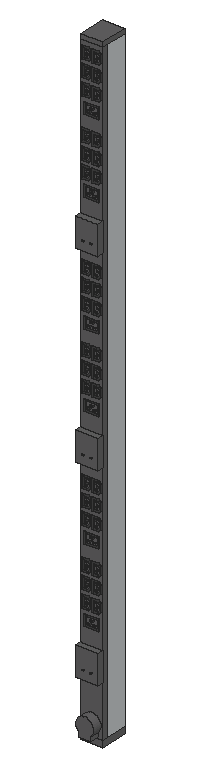
Revit family "Basic PDU", category Installations électriques, Revit 2020
Family settings
  Conserver l'orientation des annotations = Non
  Cote de connecteur circulaire = Utiliser le diamètre
  Type d'élément = Normal
  Numéro OmniClass = 23.80.00.00
  Titre OmniClass = Electric Power and Lighting
  Basée sur le plan de construction = Non
  Toujours verticalement = Oui
  Couper avec des vides une fois chargée = Non
  Partagée = Non
  Point de calcul de pièce = Non
Parameters (values of type "PDU HD 0U 3P 32A 36xC13+6xC19")
  type of voltage = "AC"  # constant formula
  Width (mm) = 52 mm
  Type of electric connection = "CEE 32 A"
  Terminal marking indication = yes
  Supply current = "32-32"
  Standby consumption = 0 mA
  RAL Number = "9017"  # constant formula
  Programming way = "Non applicable"
  Profondeur cuve + capot = 65 mm
  Prise_alimentation = Alimentation : Prise rotative
  Power frequency = "50-50"  # constant formula
  Number of phases = 3
  Number of MCB = 6
  Number of C19 outlets = 6
  Number of C13 outlets = 36
  Mounting direction = "Vertical"
  Length = 1488 mm
  Legrand part number = "LG-646975"
  IP = "IP20"
  GTIN = "3414972471497"
  Function = "Unit DE DISTRIBUTION D'ENERGIE"  # constant formula
  Fabricant = "LEGRAND"  # constant formula
  Elévation par défaut = 0 mm
  E-catalogue link = "https://www.legrand.fr/reference/646975/pro"
  Description = "PDU HD BASIC 0U 3 PHASE 32A , 36+6 C13/C19 LOCKING OUTLETS, IEC 60309"
  Depth (mm) = 82.4 mm
  Connectable by internet box = no
  Color = "Black"  # constant formula
  Cable cross section MIN_MAX = "6-6"
  BIM wording = "Linkeo DATA CENTER BASIC PDU"  # constant formula
  Application class = "EC002762"  # constant formula
  646975 = yes
  646974 = no
  646973 = no
  646972 = no
  646971 = no
  646965 = no
  646964 = no
  646963 = no
  646962 = no
  646961 = no
  646960 = no
  646911 = no
  646910 = no
Reference planes
  plane 1 "Centre (avant/arrière)": y = 0
  plane 2: z = 0
  plane 3 "Centre (gauche/droite)": x = 0
  plane 4: x = -26
  plane 5: x = 26
  plane 6: y = -65
  plane 7: z = 1488
  plane 8: y = -55
  plane 9: z = 1477
  plane 10: z = 15
Forms (mm)
  Extrusion 1, solid, material "LEGRAND - Noir 9017"
    sketch origin (0, 0, 0) x (1, 0, 0) y (0, 1, 0)
      loop
        line (-26, 0) -> (-26, -65) -> (26, -65) -> (26, 0) -> (-26, 0)
    from 0 to 15
  Extrusion 2, solid, material "LEGRAND - Inox"
    sketch origin (0, 0, 0) x (1, 0, 0) y (0, 1, 0)
      loop
        line (-26, 0) -> (-26, -55) -> (26, -55) -> (26, 0) -> (-26, 0)
    from 15 to 1477
  Extrusion 3, solid, material "LEGRAND - Noir 9017"
    sketch origin (0, 0, 0) x (1, 0, 0) y (0, 1, 0)
      loop
        line (-26, -55) -> (-26, -65) -> (26, -65) -> (26, -55) -> (-26, -55)
    from 15 to 1477
  Extrusion 4, solid, material "LEGRAND - Noir 9017"
    sketch origin (0, 0, 0) x (1, 0, 0) y (0, 1, 0)
      loop
        line (-26, 0) -> (-26, -65) -> (26, -65) -> (26, 0) -> (-26, 0)
    from 1477 to 1488
Dimensions and locks
  equal spacing: plane 5, plane 3 "Centre (gauche/droite)", plane 4
  "Width (mm)": plane 5 to plane 4
  "Profondeur cuve + capot": plane 6 to plane 1 "Centre (avant/arrière)"
  locked: plane 8 to plane 6 at 10
  locked: plane 7 to plane 9 at 11
  locked: plane 10 to plane 2 at 15
  "Length": plane 7 to plane 2
  aligned and locked: level to plane 2
  aligned and locked: plane 1 "Centre (avant/arrière)" to Extrusion 1 sketch curve
  aligned and locked: Extrusion 1 sketch curve to plane 5
  aligned and locked: plane 4 to Extrusion 1 sketch curve
  aligned and locked: plane 1 "Centre (avant/arrière)" to Extrusion 2 sketch curve
  aligned and locked: Extrusion 2 sketch curve to plane 5
  aligned and locked: plane 8 to Extrusion 2 sketch curve
  aligned and locked: plane 4 to Extrusion 2 sketch curve
  aligned and locked: plane 9 to Extrusion 2
  aligned and locked: plane 4 to Extrusion 3 sketch curve
  aligned and locked: Extrusion 3 sketch curve to plane 5
  aligned and locked: Extrusion 3 sketch curve to plane 8
  aligned and locked: plane 6 to Extrusion 3 sketch curve
  aligned and locked: plane 9 to Extrusion 3
  aligned and locked: plane 6 to Extrusion 1 sketch curve
  aligned and locked: plane 1 "Centre (avant/arrière)" to Extrusion 4 sketch curve
  aligned and locked: Extrusion 4 sketch curve to plane 5
  aligned and locked: plane 6 to Extrusion 4 sketch curve
  aligned and locked: plane 4 to Extrusion 4 sketch curve
  aligned and locked: plane 7 to Extrusion 4
  aligned and locked: Extrusion 4 to plane 9
  aligned and locked: nested 1 to plane 6
  aligned and locked: plane 3 "Centre (gauche/droite)" to nested 1
  aligned and locked: Extrusion 3 to plane 10
  aligned and locked: plane 10 to Extrusion 1
  aligned and locked: Extrusion 1 to plane 2
  aligned and locked: Extrusion 2 to plane 10
  aligned and locked: nested 2 to plane 6
  aligned and locked: plane 3 "Centre (gauche/droite)" to nested 2
Nested families
  nested 1: "Basic PDU_Prises" at (0, -65, 0), type "Basic PDU_Prises", detail levels fine
    with 646975 yes, 646910 no
  nested 2: "Alimentation" at (0, -65, 0), type <- "Prise_alimentation", type "Prise rotative"
Connectors
  electrical at (0, -32.5, 0)
    settings: on Extrusion 1, index 1, voltage 0 V, apparent load 0 VA, apparent load phase1 0 VA, apparent load phase2 0 VA, apparent load phase3 0 VA, power factor 1, load classification "Autre", number of poles 1, system type 31, power factor state 1, is connector primary yes, connector utility no, sub classification motor no, connector description ""
Definition of nested family "Basic PDU_Prises"
  Parameters (values of type "Basic PDU_Prises")
    Default Elevation = 0 mm
    646975 = no
    646974 = no
    646973 = no
    646972 = no
    646971 = no
    646965 = no
    646964 = no
    646963 = no
    646962 = no
    646961 = no
    646960 = no
    646911 = no
    646910 = yes
  Reference planes
    plane 1 "Centre (avant/arrière)": y = 0
    plane 2: z = 0
    plane 3 "Centre (gauche/droite)": x = 0
    plane 4: x = -22.15
    plane 5: x = 22.15
    plane 6: x = -26
    plane 7: x = 26
  Lines and regions (mm)
    model lines, visible <- "646910"
      curve 1: line (-26, 0, 70.176) -> (26, 0, 70.176)
      curve 2: line (-26, 0, 115.174) -> (26, 0, 115.174)
      curve 3: line (-26, 0, 199.026) -> (26, 0, 199.026)
      curve 4: line (-26, 0, 316.162) -> (26, 0, 316.162)
      curve 5: line (-26, 0, 433.215) -> (26, 0, 433.215)
      curve 6: line (-26, 0, 448.161) -> (26, 0, 448.161)
      curve 7: line (-26, 0, 532.002) -> (26, 0, 532.002)
      curve 8: line (-26, 0, 649.189) -> (26, 0, 649.189)
      curve 9: line (-26, 0, 766.177) -> (26, 0, 766.177)
      curve 10: line (-26, 0, 865.101) -> (26, 0, 865.101)
      curve 11: line (-26, 0, 982.199) -> (26, 0, 982.199)
      curve 12: line (-26, 0, 781.274) -> (26, 0, 781.274)
    model lines, visible <- "646911"
      curve 13: line (-26, 0, 1039.117) -> (26, 0, 1039.117)
      curve 14: line (-26, 0, 961.117) -> (26, 0, 961.117)
      curve 15: line (-26, 0, 778.196) -> (26, 0, 778.196)
      curve 16: line (-26, 0, 877.193) -> (26, 0, 877.193)
      curve 17: line (-26, 0, 793.193) -> (26, 0, 793.193)
      curve 18: line (-26, 0, 700.123) -> (26, 0, 700.123)
      curve 19: line (-26, 0, 622.123) -> (26, 0, 622.123)
      curve 20: line (-26, 0, 622.123) -> (26, 0, 622.123)
      curve 21: line (-26, 0, 439.201) -> (26, 0, 439.201)
      curve 22: line (-26, 0, 538.199) -> (26, 0, 538.199)
      curve 23: line (-26, 0, 454.199) -> (26, 0, 454.199)
      curve 24: line (-26, 0, 361.128) -> (26, 0, 361.128)
      curve 25: line (-26, 0, 283.128) -> (26, 0, 283.128)
      curve 26: line (-26, 0, 199.204) -> (26, 0, 199.204)
      curve 27: line (-26, 0, 115.204) -> (26, 0, 115.204)
      curve 28: line (-26, 0, 70.494) -> (26, 0, 70.494)
    model lines, visible <- "646960"
      curve 29: line (-22.15, 0, 241.166) -> (22.15, 0, 241.166)
      curve 30: line (-22.15, 0, 340.125) -> (22.15, 0, 340.125)
      curve 31: line (-22.15, 0, 439.084) -> (22.15, 0, 439.084)
      curve 32: line (-22.15, 0, 664.004) -> (22.15, 0, 664.004)
      curve 33: line (-22.15, 0, 763.004) -> (22.15, 0, 763.004)
      curve 34: line (-22.15, 0, 862.004) -> (22.15, 0, 862.004)
      curve 35: line (-22.15, 0, 115.214) -> (22.15, 0, 115.214)
      curve 36: line (-22.15, 0, 70.195) -> (22.15, 0, 70.195)
      curve 37: line (-22.15, 0, 538.052) -> (22.15, 0, 538.052)
    model lines, visible <- "646961"
      curve 38: line (-22.15, 0, 60.018) -> (22.15, 0, 60.018)
      curve 39: line (-22.15, 0, 473.857) -> (22.15, 0, 473.857)
      curve 40: line (-22.15, 0, 143.84) -> (22.15, 0, 143.84)
      curve 41: line (-22.15, 0, 242.799) -> (22.15, 0, 242.799)
      curve 42: line (-22.15, 0, 557.678) -> (22.15, 0, 557.678)
      curve 43: line (-22.15, 0, 656.653) -> (22.15, 0, 656.653)
      curve 44: line (-22.15, 0, 341.759) -> (22.15, 0, 341.759)
      curve 45: line (-22.15, 0, 407.759) -> (22.15, 0, 407.759)
      curve 46: line (-22.15, 0, 755.637) -> (22.15, 0, 755.637)
      curve 47: line (-22.15, 0, 821.637) -> (22.15, 0, 821.637)
    model lines, visible <- "646962"
      curve 48: line (-22.15, 0, 115.275) -> (22.15, 0, 115.275)
      curve 49: line (-22.15, 0, 70.208) -> (22.15, 0, 70.208)
      curve 50: line (-22.15, 0, 220.205) -> (22.15, 0, 220.205)
      curve 51: line (-22.15, 0, 235.525) -> (22.15, 0, 235.525)
      curve 52: line (-22.15, 0, 649.145) -> (22.15, 0, 649.145)
      curve 53: line (-22.15, 0, 664.465) -> (22.15, 0, 664.465)
      curve 54: line (-22.15, 0, 319.347) -> (22.15, 0, 319.347)
      curve 55: line (-22.15, 0, 418.347) -> (22.15, 0, 418.347)
      curve 56: line (-22.15, 0, 748.286) -> (22.15, 0, 748.286)
      curve 57: line (-22.15, 0, 847.286) -> (22.15, 0, 847.286)
      curve 58: line (-22.15, 0, 517.306) -> (22.15, 0, 517.306)
      curve 59: line (-22.15, 0, 583.306) -> (22.15, 0, 583.306)
      curve 60: line (-22.15, 0, 946.245) -> (22.15, 0, 946.245)
      curve 61: line (-22.15, 0, 1012.245) -> (22.15, 0, 1012.245)
    model lines, visible <- "646963"
      curve 62: line (-22.15, 0, 115.275) -> (22.15, 0, 115.275)
      curve 63: line (-22.15, 0, 70.208) -> (22.15, 0, 70.208)
      curve 64: line (-22.15, 0, 220.205) -> (22.15, 0, 220.205)
      curve 65: line (-22.15, 0, 235.394) -> (22.15, 0, 235.394)
      curve 66: line (-22.15, 0, 361.355) -> (22.15, 0, 361.355)
      curve 67: line (-22.15, 0, 700.025) -> (22.15, 0, 700.025)
      curve 68: line (-22.15, 0, 825.959) -> (22.15, 0, 825.959)
      curve 69: line (-22.15, 0, 486.807) -> (22.15, 0, 486.807)
      curve 70: line (-22.15, 0, 585.807) -> (22.15, 0, 585.807)
      curve 71: line (-22.15, 0, 951.85) -> (22.15, 0, 951.85)
      curve 72: line (-22.15, 0, 1050.85) -> (22.15, 0, 1050.85)
      curve 73: line (-22.15, 0, 684.925) -> (22.15, 0, 684.925)
    model lines, visible <- "646964"
      curve 74: line (-22.15, 0, 70.173) -> (22.15, 0, 70.173)
      curve 75: line (-22.15, 0, 115.18) -> (22.15, 0, 115.18)
      curve 76: line (-22.15, 0, 157.165) -> (22.15, 0, 157.165)
      curve 77: line (-22.15, 0, 256.125) -> (22.15, 0, 256.125)
      curve 78: line (-22.15, 0, 322.125) -> (22.15, 0, 322.125)
      curve 79: line (-22.15, 0, 388.151) -> (22.15, 0, 388.151)
      curve 80: line (-22.15, 0, 403.18) -> (22.15, 0, 403.18)
      curve 81: line (-22.15, 0, 445.165) -> (22.15, 0, 445.165)
      curve 82: line (-22.15, 0, 544.125) -> (22.15, 0, 544.125)
      curve 83: line (-22.15, 0, 610.125) -> (22.15, 0, 610.125)
      curve 84: line (-22.15, 0, 676.151) -> (22.15, 0, 676.151)
      curve 85: line (-22.15, 0, 691.18) -> (22.15, 0, 691.18)
      curve 86: line (-22.15, 0, 733.165) -> (22.15, 0, 733.165)
      curve 87: line (-22.15, 0, 832.125) -> (22.15, 0, 832.125)
      curve 88: line (-22.15, 0, 898.125) -> (22.15, 0, 898.125)
    model lines, visible <- "646965"
      curve 89: line (-22.15, 0, 115.344) -> (22.15, 0, 115.344)
      curve 90: line (-22.15, 0, 199.166) -> (22.15, 0, 199.166)
      curve 91: line (-22.15, 0, 70.09) -> (22.15, 0, 70.09)
      curve 92: line (-22.15, 0, 265.166) -> (22.15, 0, 265.166)
      curve 93: line (-22.15, 0, 331.125) -> (22.15, 0, 331.125)
      curve 94: line (-22.15, 0, 397.125) -> (22.15, 0, 397.125)
      curve 95: line (-22.15, 0, 463.087) -> (22.15, 0, 463.087)
      curve 96: line (-22.15, 0, 478.344) -> (22.15, 0, 478.344)
      curve 97: line (-22.15, 0, 562.166) -> (22.15, 0, 562.166)
      curve 98: line (-22.15, 0, 628.166) -> (22.15, 0, 628.166)
      curve 99: line (-22.15, 0, 694.125) -> (22.15, 0, 694.125)
      curve 100: line (-22.15, 0, 760.125) -> (22.15, 0, 760.125)
      curve 101: line (-22.15, 0, 826.087) -> (22.15, 0, 826.087)
      curve 102: line (-22.15, 0, 841.344) -> (22.15, 0, 841.344)
      curve 103: line (-22.15, 0, 925.166) -> (22.15, 0, 925.166)
      curve 104: line (-22.15, 0, 991.166) -> (22.15, 0, 991.166)
      curve 105: line (-22.15, 0, 1057.125) -> (22.15, 0, 1057.125)
      curve 106: line (-22.15, 0, 1123.125) -> (22.15, 0, 1123.125)
    model lines, visible <- "646971"
      curve 107: line (-26, 0, 114.999) -> (26, 0, 114.999)
      curve 108: line (-26, 0, 70.207) -> (26, 0, 70.207)
      curve 109: line (-26, 0, 235.085) -> (26, 0, 235.085)
      curve 110: line (-26, 0, 220.068) -> (26, 0, 220.068)
      curve 111: line (-26, 0, 361.046) -> (26, 0, 361.046)
      curve 112: line (-26, 0, 486.751) -> (26, 0, 486.751)
      curve 113: line (-26, 0, 603.751) -> (26, 0, 603.751)
      curve 114: line (-26, 0, 720.852) -> (26, 0, 720.852)
      curve 115: line (-26, 0, 735.642) -> (26, 0, 735.642)
      curve 116: line (-26, 0, 861.603) -> (26, 0, 861.603)
      curve 117: line (-26, 0, 987.308) -> (26, 0, 987.308)
      curve 118: line (-26, 0, 1104.308) -> (26, 0, 1104.308)
    model lines, visible <- "646972"
      curve 119: line (-26, 0, 114.999) -> (26, 0, 114.999)
      curve 120: line (-26, 0, 70.207) -> (26, 0, 70.207)
      curve 121: line (-26, 0, 235.085) -> (26, 0, 235.085)
      curve 122: line (-26, 0, 220.068) -> (26, 0, 220.068)
      curve 123: line (-26, 0, 360.725) -> (26, 0, 360.725)
      curve 124: line (-26, 0, 477.725) -> (26, 0, 477.725)
      curve 125: line (-26, 0, 594.725) -> (26, 0, 594.725)
      curve 126: line (-26, 0, 726.698) -> (26, 0, 726.698)
      curve 127: line (-26, 0, 711.681) -> (26, 0, 711.681)
      curve 128: line (-26, 0, 852.338) -> (26, 0, 852.338)
      curve 129: line (-26, 0, 969.338) -> (26, 0, 969.338)
      curve 130: line (-26, 0, 1086.338) -> (26, 0, 1086.338)
    model lines, visible <- "646973"
      curve 131: line (-26, 0, 115.098) -> (26, 0, 115.098)
      curve 132: line (-26, 0, 70.306) -> (26, 0, 70.306)
      curve 133: line (-26, 0, 235.184) -> (26, 0, 235.184)
      curve 134: line (-26, 0, 220.167) -> (26, 0, 220.167)
      curve 135: line (-26, 0, 318.824) -> (26, 0, 318.824)
      curve 136: line (-26, 0, 411.83) -> (26, 0, 411.83)
      curve 137: line (-26, 0, 396.812) -> (26, 0, 396.812)
      curve 138: line (-26, 0, 495.651) -> (26, 0, 495.651)
      curve 139: line (-26, 0, 573.899) -> (26, 0, 573.899)
      curve 140: line (-26, 0, 693.985) -> (26, 0, 693.985)
      curve 141: line (-26, 0, 678.967) -> (26, 0, 678.967)
      curve 142: line (-26, 0, 777.625) -> (26, 0, 777.625)
      curve 143: line (-26, 0, 870.63) -> (26, 0, 870.63)
      curve 144: line (-26, 0, 855.613) -> (26, 0, 855.613)
      curve 145: line (-26, 0, 954.451) -> (26, 0, 954.451)
      curve 146: line (-26, 0, 1032.376) -> (26, 0, 1032.376)
      curve 147: line (-26, 0, 1152.462) -> (26, 0, 1152.462)
      curve 148: line (-26, 0, 1137.445) -> (26, 0, 1137.445)
      curve 149: line (-26, 0, 1236.102) -> (26, 0, 1236.102)
      curve 150: line (-26, 0, 1329.107) -> (26, 0, 1329.107)
      curve 151: line (-26, 0, 1314.09) -> (26, 0, 1314.09)
      curve 152: line (-26, 0, 1412.929) -> (26, 0, 1412.929)
    model lines, visible <- "646974"
      curve 153: line (-26, 0, 115.098) -> (26, 0, 115.098)
      curve 154: line (-26, 0, 70.306) -> (26, 0, 70.306)
      curve 155: line (-26, 0, 235.184) -> (26, 0, 235.184)
      curve 156: line (-26, 0, 220.167) -> (26, 0, 220.167)
      curve 157: line (-26, 0, 318.824) -> (26, 0, 318.824)
      curve 158: line (-26, 0, 450.83) -> (26, 0, 450.83)
      curve 159: line (-26, 0, 435.813) -> (26, 0, 435.813)
      curve 160: line (-26, 0, 534.47) -> (26, 0, 534.47)
      curve 161: line (-26, 0, 651.513) -> (26, 0, 651.513)
      curve 162: line (-26, 0, 771.599) -> (26, 0, 771.599)
      curve 163: line (-26, 0, 756.581) -> (26, 0, 756.581)
      curve 164: line (-26, 0, 855.239) -> (26, 0, 855.239)
      curve 165: line (-26, 0, 987.245) -> (26, 0, 987.245)
      curve 166: line (-26, 0, 972.228) -> (26, 0, 972.228)
      curve 167: line (-26, 0, 1070.885) -> (26, 0, 1070.885)
      curve 168: line (-26, 0, 1187.877) -> (26, 0, 1187.877)
      curve 169: line (-26, 0, 1307.963) -> (26, 0, 1307.963)
      curve 170: line (-26, 0, 1292.946) -> (26, 0, 1292.946)
      curve 171: line (-26, 0, 1391.603) -> (26, 0, 1391.603)
      curve 172: line (-26, 0, 1523.609) -> (26, 0, 1523.609)
      curve 173: line (-26, 0, 1508.592) -> (26, 0, 1508.592)
      curve 174: line (-26, 0, 1607.249) -> (26, 0, 1607.249)
    model lines, visible <- "646975"
      curve 175: line (-26, 0, 115.166) -> (26, 0, 115.166)
      curve 176: line (-26, 0, 70.374) -> (26, 0, 70.374)
      curve 177: line (-26, 0, 235.252) -> (26, 0, 235.252)
      curve 178: line (-26, 0, 220.234) -> (26, 0, 220.234)
      curve 179: line (-26, 0, 277.206) -> (26, 0, 277.206)
      curve 180: line (-26, 0, 409.446) -> (26, 0, 409.446)
      curve 181: line (-26, 0, 394.428) -> (26, 0, 394.428)
      curve 182: line (-26, 0, 451.4) -> (26, 0, 451.4)
      curve 183: line (-26, 0, 568.714) -> (26, 0, 568.714)
      curve 184: line (-26, 0, 688.8) -> (26, 0, 688.8)
      curve 185: line (-26, 0, 673.782) -> (26, 0, 673.782)
      curve 186: line (-26, 0, 730.754) -> (26, 0, 730.754)
      curve 187: line (-26, 0, 862.994) -> (26, 0, 862.994)
      curve 188: line (-26, 0, 847.976) -> (26, 0, 847.976)
      curve 189: line (-26, 0, 904.948) -> (26, 0, 904.948)
      curve 190: line (-26, 0, 1020.462) -> (26, 0, 1020.462)
      curve 191: line (-26, 0, 1140.548) -> (26, 0, 1140.548)
      curve 192: line (-26, 0, 1125.53) -> (26, 0, 1125.53)
      curve 193: line (-26, 0, 1182.502) -> (26, 0, 1182.502)
      curve 194: line (-26, 0, 1314.742) -> (26, 0, 1314.742)
      curve 195: line (-26, 0, 1299.724) -> (26, 0, 1299.724)
      curve 196: line (-26, 0, 1356.695) -> (26, 0, 1356.695)
  Dimensions and locks
    equal spacing: plane 5, plane 3 "Centre (gauche/droite)", plane 4
    locked: plane 5 to plane 4 at 44.3
    equal spacing: plane 7, plane 3 "Centre (gauche/droite)", plane 6
    plane 7 to plane 6 = 52 mm
    aligned and locked: level to plane 2
    aligned and locked: plane 1 "Centre (avant/arrière)" to nested 1
    aligned and locked: plane 1 "Centre (avant/arrière)" to nested 19
    aligned and locked: plane 1 "Centre (avant/arrière)" to nested 67
  Automatic sketch dimensions
    curve 175 to plane 6 = 0 mm
    curve 196 to plane 6 = 0 mm
    curve 177 to plane 6 = 0 mm
    curve 195 to plane 6 = 0 mm
    curve 178 to plane 6 = 0 mm
    curve 194 to plane 6 = 0 mm
    curve 179 to plane 6 = 0 mm
    curve 193 to plane 6 = 0 mm
    curve 180 to plane 6 = 0 mm
    curve 192 to plane 6 = 0 mm
    curve 181 to plane 6 = 0 mm
    curve 191 to plane 6 = 0 mm
    curve 182 to plane 6 = 0 mm
    curve 190 to plane 6 = 0 mm
    curve 183 to plane 6 = 0 mm
    curve 189 to plane 6 = 0 mm
    curve 184 to plane 6 = 0 mm
    curve 188 to plane 6 = 0 mm
    curve 185 to plane 6 = 0 mm
    curve 187 to plane 6 = 0 mm
    curve 186 to plane 6 = 0 mm
    curve 176 to plane 6 = 0 mm
    curve 185 to plane 7 = 0 mm
    curve 187 to plane 7 = 0 mm
    curve 184 to plane 7 = 0 mm
    curve 188 to plane 7 = 0 mm
    curve 183 to plane 7 = 0 mm
    curve 189 to plane 7 = 0 mm
    curve 182 to plane 7 = 0 mm
    curve 190 to plane 7 = 0 mm
    curve 181 to plane 7 = 0 mm
    curve 191 to plane 7 = 0 mm
    curve 180 to plane 7 = 0 mm
    curve 192 to plane 7 = 0 mm
    curve 179 to plane 7 = 0 mm
    curve 193 to plane 7 = 0 mm
    curve 178 to plane 7 = 0 mm
    curve 194 to plane 7 = 0 mm
    curve 177 to plane 7 = 0 mm
    curve 195 to plane 7 = 0 mm
    curve 176 to plane 7 = 0 mm
    curve 186 to plane 7 = 0 mm
    curve 175 to plane 7 = 0 mm
    curve 196 to plane 7 = 0 mm
    level to curve 38 = 60.018 mm
    level to curve 153 = 115.098 mm
    curve 153 to plane 7 = 52 mm
    curve 174 to plane 7 = 52 mm
    curve 153 to curve 154 = 0 mm  (x2)
    curve 174 to curve 173 = 0 mm
    curve 155 to curve 153 = 0 mm
    curve 172 to curve 173 = 0 mm  (x2)
    curve 155 to curve 156 = 0 mm  (x2)
    curve 173 to curve 171 = 0 mm
    curve 157 to curve 155 = 0 mm
    curve 171 to curve 170 = 0 mm
    curve 158 to curve 157 = 0 mm
    curve 169 to curve 170 = 0 mm  (x2)
    curve 158 to curve 159 = 0 mm  (x2)
    curve 170 to curve 168 = 0 mm
    curve 160 to curve 158 = 0 mm
    curve 168 to curve 167 = 0 mm
    curve 161 to curve 160 = 0 mm
    curve 167 to curve 166 = 0 mm
    curve 162 to curve 161 = 0 mm
    curve 165 to curve 166 = 0 mm  (x2)
    curve 162 to curve 163 = 0 mm  (x2)
    curve 164 to curve 162 = 0 mm
    curve 163 to curve 163 = 52 mm
    curve 164 to curve 164 = 52 mm
    curve 165 to curve 165 = 52 mm
    curve 161 to curve 161 = 52 mm
    curve 160 to curve 160 = 52 mm
    curve 167 to curve 167 = 52 mm
    curve 159 to curve 159 = 52 mm
    curve 168 to curve 168 = 52 mm
    curve 169 to curve 169 = 52 mm
    curve 157 to curve 157 = 52 mm
    curve 156 to curve 156 = 52 mm
    curve 171 to curve 171 = 52 mm
    curve 172 to curve 172 = 52 mm
    curve 154 to curve 154 = 52 mm
    curve 174 to curve 174 = 52 mm
    curve 131 to curve 153 = 52 mm
    curve 152 to curve 171 = 52 mm
    curve 133 to curve 131 = 0 mm
    curve 152 to curve 151 = 0 mm
    curve 133 to curve 134 = 0 mm  (x2)
    curve 150 to curve 151 = 0 mm  (x2)
    curve 135 to curve 133 = 0 mm
    curve 151 to curve 149 = 0 mm
    curve 136 to curve 135 = 0 mm
    curve 149 to curve 148 = 0 mm
    curve 136 to curve 137 = 0 mm  (x2)
    curve 147 to curve 148 = 0 mm  (x2)
    curve 138 to curve 136 = 0 mm
    curve 148 to curve 146 = 0 mm
    curve 139 to curve 138 = 0 mm
    curve 146 to curve 145 = 0 mm
    curve 140 to curve 139 = 0 mm
    curve 145 to curve 144 = 0 mm
    curve 140 to curve 141 = 0 mm  (x2)
    curve 143 to curve 144 = 0 mm  (x2)
    curve 144 to curve 142 = 0 mm
    curve 131 to curve 132 = 0 mm  (x2)
    curve 141 to curve 141 = 52 mm
    curve 143 to curve 143 = 52 mm
    curve 139 to curve 139 = 52 mm
    curve 145 to curve 145 = 52 mm
    curve 138 to curve 138 = 52 mm
    curve 146 to curve 146 = 52 mm
    curve 137 to curve 137 = 52 mm
    curve 147 to curve 147 = 52 mm
    curve 135 to curve 135 = 52 mm
    curve 149 to curve 149 = 52 mm
    curve 134 to curve 134 = 52 mm
    curve 150 to curve 150 = 52 mm
    curve 132 to curve 132 = 52 mm
    curve 142 to curve 142 = 52 mm
    curve 152 to curve 152 = 52 mm
    curve 119 to curve 131 = 52 mm
    curve 130 to curve 148 = 52 mm
    curve 121 to curve 119 = 0 mm
    curve 130 to curve 129 = 0 mm
    curve 121 to curve 122 = 0 mm  (x2)
    curve 129 to curve 128 = 0 mm
    curve 123 to curve 121 = 0 mm
    curve 128 to curve 127 = 0 mm
    curve 124 to curve 123 = 0 mm
    curve 126 to curve 127 = 0 mm  (x2)
    curve 127 to curve 125 = 0 mm
    curve 119 to curve 120 = 0 mm  (x2)
    curve 124 to curve 124 = 52 mm
    curve 126 to curve 126 = 52 mm
    curve 123 to curve 123 = 52 mm
    curve 122 to curve 122 = 52 mm
    curve 128 to curve 128 = 52 mm
    curve 129 to curve 129 = 52 mm
    curve 120 to curve 120 = 52 mm
    curve 125 to curve 125 = 52 mm
    curve 130 to curve 130 = 52 mm
    curve 108 to curve 120 = 52 mm
    curve 118 to curve 130 = 52 mm
    curve 107 to curve 108 = 0 mm  (x2)
    curve 118 to curve 117 = 0 mm
    curve 109 to curve 107 = 0 mm
    curve 116 to curve 128 = 52 mm
    curve 109 to curve 110 = 0 mm  (x2)
    curve 115 to curve 126 = 52 mm
    curve 111 to curve 123 = 52 mm
    curve 115 to curve 114 = 0 mm  (x2)
    curve 112 to curve 124 = 52 mm
    curve 113 to curve 112 = 0 mm
    curve 112 to curve 112 = 52 mm
    curve 113 to curve 113 = 52 mm
    curve 111 to curve 111 = 52 mm
    curve 114 to curve 114 = 52 mm
    curve 110 to curve 110 = 52 mm
    curve 116 to curve 116 = 52 mm
    curve 117 to curve 117 = 52 mm
    curve 108 to curve 108 = 52 mm
    curve 118 to curve 118 = 52 mm
    curve 90 to curve 110 = 48.15 mm
    curve 92 to curve 90 = 0 mm
    curve 89 to curve 107 = 48.15 mm
    curve 89 to curve 91 = 0 mm
    curve 93 to curve 92 = 0 mm
    curve 106 to curve 118 = 48.15 mm
    curve 94 to curve 93 = 0 mm
    curve 106 to curve 105 = 0 mm
    curve 95 to curve 94 = 0 mm
    curve 105 to curve 104 = 0 mm
    curve 96 to curve 95 = 0 mm  (x2)
    curve 104 to curve 103 = 0 mm
    curve 97 to curve 113 = 48.15 mm
    curve 102 to curve 116 = 48.15 mm
    curve 98 to curve 97 = 0 mm
    curve 102 to curve 101 = 0 mm  (x2)
    curve 99 to curve 98 = 0 mm
    curve 101 to curve 100 = 0 mm
    curve 99 to curve 99 = 44.3 mm
    curve 100 to curve 100 = 44.3 mm
    curve 98 to curve 98 = 44.3 mm
    curve 101 to curve 101 = 44.3 mm
    curve 97 to curve 97 = 44.3 mm
    curve 96 to curve 96 = 44.3 mm
    curve 103 to curve 103 = 44.3 mm
    curve 104 to curve 104 = 44.3 mm
    curve 94 to curve 94 = 44.3 mm
    curve 105 to curve 105 = 44.3 mm
    curve 93 to curve 93 = 44.3 mm
    curve 106 to curve 106 = 44.3 mm
    curve 92 to curve 92 = 44.3 mm
    curve 91 to curve 91 = 44.3 mm
    curve 90 to curve 90 = 44.3 mm
    curve 89 to curve 89 = 44.3 mm
    curve 75 to curve 89 = 44.3 mm
    curve 88 to curve 103 = 44.3 mm
    curve 76 to curve 75 = 0 mm  (x2)
    curve 88 to curve 87 = 0 mm
    curve 77 to curve 76 = 0 mm
    curve 87 to curve 86 = 0 mm
    curve 75 to curve 74 = 0 mm
    curve 86 to curve 85 = 0 mm
    curve 78 to curve 77 = 0 mm
    curve 85 to curve 84 = 0 mm  (x2)
    curve 79 to curve 78 = 0 mm
    curve 84 to curve 83 = 0 mm
    curve 80 to curve 79 = 0 mm  (x2)
    curve 83 to curve 82 = 0 mm
    curve 81 to curve 80 = 0 mm  (x2)
    curve 81 to curve 81 = 44.3 mm
    curve 82 to curve 82 = 44.3 mm
    curve 83 to curve 83 = 44.3 mm
    curve 78 to curve 78 = 44.3 mm
    curve 84 to curve 84 = 44.3 mm
    curve 77 to curve 77 = 44.3 mm
    curve 86 to curve 86 = 44.3 mm
    curve 76 to curve 76 = 44.3 mm
    curve 87 to curve 87 = 44.3 mm
    curve 88 to curve 88 = 44.3 mm
    curve 74 to curve 74 = 44.3 mm
    curve 62 to curve 75 = 44.3 mm
    curve 73 to curve 85 = 44.3 mm
    curve 64 to curve 77 = 44.3 mm
    curve 72 to curve 88 = 44.3 mm
    curve 65 to curve 64 = 0 mm  (x2)
    curve 71 to curve 88 = 44.3 mm
    curve 66 to curve 79 = 44.3 mm
    curve 70 to curve 83 = 44.3 mm
    curve 67 to curve 73 = 0 mm  (x2)
    curve 69 to curve 81 = 44.3 mm
    curve 68 to curve 87 = 44.3 mm
    curve 62 to curve 63 = 0 mm
    curve 67 to curve 67 = 44.3 mm
    curve 69 to curve 69 = 44.3 mm
    curve 66 to curve 66 = 44.3 mm
    curve 70 to curve 70 = 44.3 mm
    curve 65 to curve 65 = 44.3 mm
    curve 71 to curve 71 = 44.3 mm
    curve 72 to curve 72 = 44.3 mm
    curve 63 to curve 63 = 44.3 mm
    curve 68 to curve 68 = 44.3 mm
    curve 62 to curve 62 = 44.3 mm
    curve 48 to curve 62 = 44.3 mm
    curve 61 to curve 72 = 44.3 mm
    curve 48 to curve 49 = 0 mm
    curve 61 to curve 60 = 0 mm
    curve 50 to curve 64 = 44.3 mm
    curve 59 to curve 70 = 44.3 mm
    curve 51 to curve 50 = 0 mm  (x2)
    curve 59 to curve 58 = 0 mm
    curve 52 to curve 59 = 0 mm
    curve 60 to curve 57 = 0 mm
    curve 53 to curve 52 = 0 mm  (x2)
    curve 56 to curve 53 = 0 mm
    curve 54 to curve 51 = 0 mm
    curve 58 to curve 55 = 0 mm
    curve 54 to curve 54 = 44.3 mm
    curve 55 to curve 55 = 44.3 mm
    curve 53 to curve 53 = 44.3 mm
    curve 56 to curve 56 = 44.3 mm
    curve 57 to curve 57 = 44.3 mm
    curve 51 to curve 51 = 44.3 mm
    curve 58 to curve 58 = 44.3 mm
    curve 59 to curve 59 = 44.3 mm
    curve 49 to curve 49 = 44.3 mm
    curve 60 to curve 60 = 44.3 mm
    curve 48 to curve 48 = 44.3 mm
    curve 61 to curve 61 = 44.3 mm
    curve 39 to curve 58 = 44.3 mm
    curve 47 to curve 57 = 44.3 mm
    curve 40 to curve 48 = 44.3 mm
    curve 47 to curve 46 = 0 mm
    curve 41 to curve 40 = 0 mm
    curve 39 to curve 45 = 0 mm
    curve 42 to curve 39 = 0 mm
    curve 45 to curve 44 = 0 mm
    curve 43 to curve 42 = 0 mm
    curve 40 to curve 38 = 0 mm
    curve 42 to curve 42 = 44.3 mm
    curve 44 to curve 44 = 44.3 mm
    curve 41 to curve 41 = 44.3 mm
    curve 45 to curve 45 = 44.3 mm
    curve 40 to curve 40 = 44.3 mm
    curve 46 to curve 46 = 44.3 mm
    curve 39 to curve 39 = 44.3 mm
    curve 47 to curve 47 = 44.3 mm
    curve 38 to curve 38 = 44.3 mm
    curve 43 to curve 43 = 44.3 mm
    curve 33 to curve 46 = 44.3 mm
    curve 37 to curve 42 = 44.3 mm
    curve 30 to curve 44 = 44.3 mm
    level to curve 36 = 70.195 mm
    curve 36 to curve 38 = 44.3 mm
    curve 31 to curve 30 = 0 mm
    curve 35 to curve 36 = 0 mm
    curve 33 to curve 32 = 0 mm
    curve 34 to curve 33 = 0 mm
    curve 30 to curve 29 = 0 mm
    curve 33 to curve 33 = 44.3 mm
    curve 32 to curve 32 = 44.3 mm
    curve 34 to curve 34 = 44.3 mm
    curve 31 to curve 31 = 44.3 mm
    curve 35 to curve 35 = 44.3 mm
    curve 30 to curve 30 = 44.3 mm
    curve 36 to curve 36 = 44.3 mm
    curve 29 to curve 29 = 44.3 mm
    curve 37 to curve 37 = 44.3 mm
    curve 13 to curve 34 = 48.15 mm
    curve 28 to curve 36 = 48.15 mm
    curve 15 to curve 33 = 48.15 mm
    curve 27 to curve 28 = 0 mm  (x2)
    curve 16 to curve 15 = 0 mm
    curve 26 to curve 27 = 0 mm
    curve 17 to curve 15 = 0 mm  (x2)
    curve 25 to curve 26 = 0 mm
    curve 15 to curve 18 = 0 mm
    curve 24 to curve 25 = 0 mm
    curve 18 to curve 19 = 0 mm
    curve 23 to curve 24 = 0 mm
    curve 19 to curve 20 = 0 mm  (x2)
    curve 20 to curve 22 = 0 mm
    curve 23 to curve 21 = 0 mm  (x2)
    curve 13 to curve 14 = 0 mm
    curve 20 to curve 20 = 52 mm
    curve 22 to curve 22 = 52 mm
    curve 23 to curve 23 = 52 mm
    curve 18 to curve 18 = 52 mm
    curve 24 to curve 24 = 52 mm
    curve 17 to curve 17 = 52 mm
    curve 25 to curve 25 = 52 mm
    curve 16 to curve 16 = 52 mm
    curve 26 to curve 26 = 52 mm
    curve 27 to curve 27 = 52 mm
    curve 14 to curve 14 = 52 mm
    curve 13 to curve 13 = 52 mm
    level to curve 1 = 70.176 mm
    curve 1 to curve 28 = 52 mm
    curve 12 to curve 15 = 52 mm
    curve 3 to curve 1 = 0 mm
    curve 11 to curve 14 = 52 mm
    curve 4 to curve 3 = 0 mm
    curve 10 to curve 12 = 0 mm
    curve 5 to curve 4 = 0 mm
    curve 12 to curve 9 = 0 mm  (x2)
    curve 6 to curve 5 = 0 mm  (x2)
    curve 9 to curve 8 = 0 mm
    curve 7 to curve 6 = 0 mm
    curve 2 to curve 1 = 0 mm  (x2)
    curve 6 to curve 6 = 52 mm
    curve 8 to curve 8 = 52 mm
    curve 9 to curve 9 = 52 mm
    curve 4 to curve 4 = 52 mm
    curve 10 to curve 10 = 52 mm
    curve 3 to curve 3 = 52 mm
    curve 11 to curve 11 = 52 mm
    curve 2 to curve 2 = 52 mm
    curve 7 to curve 7 = 52 mm
    level to curve 91 = 70.09 mm
    level to curve 74 = 70.173 mm
    level to curve 108 = 70.207 mm
    level to curve 120 = 70.207 mm
    level to curve 49 = 70.208 mm
    level to curve 63 = 70.208 mm
    level to curve 132 = 70.306 mm
    curve 154 to curve 153 = 44.792 mm
    level to curve 176 = 70.374 mm
    level to curve 28 = 70.494 mm
    curve 120 to curve 119 = 44.792 mm
    curve 108 to curve 107 = 44.792 mm
    curve 132 to curve 131 = 44.792 mm
    curve 176 to curve 175 = 44.792 mm
    curve 1 to curve 2 = 44.998 mm
    curve 74 to curve 75 = 45.007 mm
    curve 28 to curve 27 = 44.71 mm
    curve 36 to curve 35 = 45.018 mm
    curve 63 to curve 62 = 45.067 mm
    curve 49 to curve 48 = 45.067 mm
    curve 91 to curve 89 = 45.254 mm
    curve 38 to curve 40 = 83.822 mm
    curve 75 to curve 76 = 41.985 mm
    curve 2 to curve 3 = 83.852 mm
    curve 89 to curve 90 = 83.822 mm
    curve 27 to curve 26 = 84 mm
    curve 107 to curve 110 = 105.069 mm
    curve 119 to curve 122 = 105.069 mm
    curve 131 to curve 134 = 105.069 mm
    curve 153 to curve 156 = 105.069 mm
    curve 62 to curve 64 = 104.931 mm
    curve 48 to curve 50 = 104.931 mm
    curve 175 to curve 178 = 105.069 mm
    curve 110 to curve 109 = 15.017 mm
    curve 122 to curve 121 = 15.017 mm
    curve 156 to curve 155 = 15.017 mm
    curve 134 to curve 133 = 15.017 mm
    curve 178 to curve 177 = 15.017 mm
    curve 64 to curve 65 = 15.189 mm
    curve 50 to curve 51 = 15.32 mm
    curve 35 to curve 29 = 125.952 mm
    curve 40 to curve 41 = 98.959 mm
    curve 65 to curve 77 = 20.731 mm
    curve 90 to curve 92 = 66 mm
    curve 177 to curve 179 = 41.954 mm
    curve 26 to curve 25 = 83.924 mm
    curve 3 to curve 4 = 117.136 mm
    curve 155 to curve 157 = 83.64 mm
    curve 133 to curve 135 = 83.64 mm
    curve 51 to curve 54 = 83.821 mm
    curve 77 to curve 78 = 66 mm
    curve 92 to curve 93 = 65.959 mm
    curve 29 to curve 30 = 98.959 mm
    curve 41 to curve 44 = 98.96 mm
    curve 121 to curve 123 = 125.64 mm
    curve 123 to curve 111 = 0.32 mm
    curve 25 to curve 24 = 78 mm
    curve 78 to curve 66 = 39.229 mm
    curve 78 to curve 79 = 66.026 mm
    curve 179 to curve 181 = 117.223 mm
    curve 135 to curve 137 = 77.988 mm
    curve 93 to curve 94 = 66 mm
    curve 79 to curve 80 = 15.029 mm
    curve 44 to curve 45 = 66 mm
    curve 181 to curve 180 = 15.017 mm
    curve 137 to curve 136 = 15.017 mm
    curve 54 to curve 55 = 99 mm
    curve 4 to curve 5 = 117.053 mm
    curve 157 to curve 159 = 116.989 mm
    curve 30 to curve 31 = 98.959 mm
    curve 24 to curve 21 = 78.073 mm
    curve 80 to curve 81 = 41.985 mm
    curve 5 to curve 6 = 14.946 mm
    curve 159 to curve 158 = 15.017 mm
    curve 180 to curve 182 = 41.954 mm
    curve 21 to curve 23 = 14.997 mm
    curve 94 to curve 95 = 65.962 mm
    curve 45 to curve 39 = 66.097 mm
    curve 123 to curve 124 = 117 mm
    curve 95 to curve 96 = 15.257 mm
    curve 124 to curve 112 = 9.026 mm
    curve 55 to curve 69 = 68.46 mm
    curve 136 to curve 138 = 83.821 mm
    curve 55 to curve 58 = 98.959 mm
    curve 6 to curve 7 = 83.841 mm
    curve 158 to curve 160 = 83.64 mm
    curve 31 to curve 37 = 98.967 mm
    curve 23 to curve 22 = 84 mm
    curve 69 to curve 82 = 57.318 mm
    curve 39 to curve 42 = 83.822 mm
    curve 96 to curve 97 = 83.822 mm
    curve 182 to curve 183 = 117.314 mm
    curve 138 to curve 139 = 78.248 mm
    curve 58 to curve 59 = 66 mm
    curve 82 to curve 70 = 41.682 mm
    curve 124 to curve 125 = 117 mm
    curve 112 to curve 113 = 117 mm
    curve 82 to curve 83 = 66 mm
    curve 22 to curve 20 = 83.924 mm
    curve 20 to curve 19 = 0 mm
    curve 97 to curve 98 = 66 mm
    curve 59 to curve 52 = 65.838 mm
    curve 7 to curve 8 = 117.187 mm
    curve 160 to curve 161 = 117.042 mm
    curve 42 to curve 43 = 98.975 mm
    curve 37 to curve 32 = 125.952 mm
    curve 52 to curve 53 = 15.32 mm
    curve 183 to curve 185 = 105.069 mm
    curve 83 to curve 84 = 66.026 mm
    curve 139 to curve 141 = 105.069 mm
    curve 84 to curve 73 = 8.774 mm
    curve 185 to curve 184 = 15.017 mm
    curve 84 to curve 85 = 15.029 mm
    curve 141 to curve 140 = 15.017 mm
    curve 98 to curve 99 = 65.959 mm
    curve 73 to curve 67 = 15.1 mm
    curve 19 to curve 18 = 78 mm
    curve 125 to curve 127 = 116.955 mm
    curve 113 to curve 114 = 117.101 mm
    curve 127 to curve 126 = 15.017 mm
    curve 184 to curve 186 = 41.954 mm
    curve 85 to curve 86 = 41.985 mm
    curve 114 to curve 115 = 14.79 mm
    curve 53 to curve 56 = 83.822 mm
    curve 43 to curve 46 = 98.984 mm
    curve 161 to curve 163 = 105.069 mm
    curve 99 to curve 100 = 66 mm
    curve 32 to curve 33 = 99 mm
    curve 8 to curve 9 = 116.988 mm
    curve 163 to curve 162 = 15.017 mm
    curve 140 to curve 142 = 83.64 mm
    curve 18 to curve 15 = 78.073 mm
    curve 9 to curve 12 = 15.097 mm
    curve 15 to curve 17 = 14.997 mm
    curve 46 to curve 47 = 66 mm
    curve 67 to curve 68 = 125.934 mm
    curve 100 to curve 101 = 65.962 mm
    curve 68 to curve 87 = 6.166 mm
    curve 101 to curve 102 = 15.257 mm
    curve 56 to curve 57 = 99 mm
    curve 186 to curve 188 = 117.223 mm
    curve 126 to curve 128 = 125.64 mm
    curve 162 to curve 164 = 83.64 mm
    curve 142 to curve 144 = 77.988 mm
    curve 102 to curve 116 = 20.258 mm
    curve 33 to curve 34 = 99 mm
    curve 188 to curve 187 = 15.017 mm
    curve 12 to curve 10 = 83.826 mm
    curve 144 to curve 143 = 15.017 mm
    curve 17 to curve 16 = 84 mm
    curve 87 to curve 88 = 66 mm
    curve 187 to curve 189 = 41.954 mm
    curve 102 to curve 103 = 83.822 mm
    curve 57 to curve 60 = 98.959 mm
    curve 88 to curve 71 = 53.725 mm
    curve 143 to curve 145 = 83.821 mm
    curve 16 to curve 14 = 83.924 mm
    curve 128 to curve 129 = 117 mm
    curve 164 to curve 166 = 116.989 mm
    curve 10 to curve 11 = 117.098 mm
    curve 166 to curve 165 = 15.017 mm
    curve 129 to curve 117 = 17.97 mm
    curve 103 to curve 104 = 66 mm
    curve 60 to curve 61 = 66 mm
    curve 189 to curve 190 = 115.514 mm
    curve 145 to curve 146 = 77.925 mm
    curve 14 to curve 13 = 78 mm
    curve 71 to curve 72 = 99 mm
    curve 104 to curve 105 = 65.959 mm
    curve 165 to curve 167 = 83.64 mm
    curve 129 to curve 130 = 117 mm
    curve 117 to curve 118 = 117 mm
    curve 105 to curve 106 = 66 mm
    curve 190 to curve 192 = 105.069 mm
    curve 146 to curve 148 = 105.069 mm
    curve 192 to curve 191 = 15.017 mm
    curve 148 to curve 147 = 15.017 mm
    curve 191 to curve 193 = 41.954 mm
    curve 167 to curve 168 = 116.992 mm
    curve 147 to curve 149 = 83.64 mm
    curve 168 to curve 170 = 105.069 mm
    curve 193 to curve 195 = 117.223 mm
    curve 170 to curve 169 = 15.017 mm
    curve 149 to curve 151 = 77.988 mm
    curve 195 to curve 194 = 15.017 mm
    curve 151 to curve 150 = 15.017 mm
    curve 194 to curve 196 = 41.954 mm
    curve 169 to curve 171 = 83.64 mm
    curve 150 to curve 152 = 83.821 mm
    curve 171 to curve 173 = 116.989 mm
    curve 173 to curve 172 = 15.017 mm
    curve 172 to curve 174 = 83.64 mm
  Nested families
    nested 1: "Prise ronde double" at (0, 0, 215.238), visible <- "646910", type "Prise ronde double"
    nested 2: "Prise ronde double" at (0, 0, 254.238), visible <- "646910", type "Prise ronde double"
    nested 3: "Prise ronde double" at (0, 0, 293.238), visible <- "646910", type "Prise ronde double"
    nested 4: "Prise ronde double" at (0, 0, 332.238), visible <- "646910", type "Prise ronde double"
    nested 5: "Prise ronde double" at (0, 0, 371.238), visible <- "646910", type "Prise ronde double"
    nested 6: "Prise ronde double" at (0, 0, 410.238), visible <- "646910", type "Prise ronde double"
    nested 7: "Prise ronde double" at (0, 0, 548.232), visible <- "646910", type "Prise ronde double"
    nested 8: "Prise ronde double" at (0, 0, 587.232), visible <- "646910", type "Prise ronde double"
    nested 9: "Prise ronde double" at (0, 0, 626.232), visible <- "646910", type "Prise ronde double"
    nested 10: "Prise ronde double" at (0, 0, 665.232), visible <- "646910", type "Prise ronde double"
    nested 11: "Prise ronde double" at (0, 0, 704.232), visible <- "646910", type "Prise ronde double"
    nested 12: "Prise ronde double" at (0, 0, 743.232), visible <- "646910", type "Prise ronde double"
    nested 13: "Prise ronde double" at (0, 0, 881.308), visible <- "646910", type "Prise ronde double"
    nested 14: "Prise ronde double" at (0, 0, 920.308), visible <- "646910", type "Prise ronde double"
    nested 15: "Prise ronde double" at (0, 0, 959.308), visible <- "646910", type "Prise ronde double"
    nested 16: "Prise ronde double" at (0, 0, 998.308), visible <- "646910", type "Prise ronde double"
    nested 17: "Prise ronde double" at (0, 0, 1037.308), visible <- "646910", type "Prise ronde double"
    nested 18: "Prise ronde double" at (0, 0, 1076.308), visible <- "646910", type "Prise ronde double"
    nested 19: "Prise rectangulaire" at (0, 0, 468.095), visible <- "646910", type "Prise rectangulaire"
    nested 20: "Prise rectangulaire" at (0, 0, 510.095), visible <- "646910", type "Prise rectangulaire"
    nested 21: "Prise rectangulaire" at (0, 0, 801.17), visible <- "646910", type "Prise rectangulaire"
    nested 22: "Prise rectangulaire" at (0, 0, 843.17), visible <- "646910", type "Prise rectangulaire"
    nested 23: "Prise rectangulaire" at (0, 0, 135.101), visible <- "646910", type "Prise rectangulaire"
    nested 24: "Prise rectangulaire" at (0, 0, 177.101), visible <- "646910", type "Prise rectangulaire"
    nested 25: "Prise ronde double" at (0, 0, 1055.226), visible <- "646911", type "Prise ronde double"
    nested 26: "Prise ronde double" at (0, 0, 1094.226), visible <- "646911", type "Prise ronde double"
    nested 27: "Prise ronde double" at (0, 0, 977.226), visible <- "646911", type "Prise ronde double"
    nested 28: "Prise ronde double" at (0, 0, 1016.226), visible <- "646911", type "Prise ronde double"
    nested 29: "Prise rectangulaire" at (0, 0, 897.089), visible <- "646911", type "Prise rectangulaire"
    nested 30: "Prise rectangulaire" at (0, 0, 939.089), visible <- "646911", type "Prise rectangulaire"
    nested 31: "Prise rectangulaire" at (0, 0, 813.089), visible <- "646911", type "Prise rectangulaire"
    nested 32: "Prise rectangulaire" at (0, 0, 855.089), visible <- "646911", type "Prise rectangulaire"
    nested 33: "Prise ronde double" at (0, 0, 716.232), visible <- "646911", type "Prise ronde double"
    nested 34: "Prise ronde double" at (0, 0, 755.232), visible <- "646911", type "Prise ronde double"
    nested 35: "Prise ronde double" at (0, 0, 638.232), visible <- "646911", type "Prise ronde double"
    nested 36: "Prise ronde double" at (0, 0, 677.232), visible <- "646911", type "Prise ronde double"
    nested 37: "Prise rectangulaire" at (0, 0, 558.095), visible <- "646911", type "Prise rectangulaire"
    nested 38: "Prise rectangulaire" at (0, 0, 600.095), visible <- "646911", type "Prise rectangulaire"
    nested 39: "Prise rectangulaire" at (0, 0, 474.095), visible <- "646911", type "Prise rectangulaire"
    nested 40: "Prise rectangulaire" at (0, 0, 516.095), visible <- "646911", type "Prise rectangulaire"
    nested 41: "Prise ronde double" at (0, 0, 377.237), visible <- "646911", type "Prise ronde double"
    nested 42: "Prise ronde double" at (0, 0, 416.237), visible <- "646911", type "Prise ronde double"
    nested 43: "Prise ronde double" at (0, 0, 299.237), visible <- "646911", type "Prise ronde double"
    nested 44: "Prise ronde double" at (0, 0, 338.237), visible <- "646911", type "Prise ronde double"
    nested 45: "Prise rectangulaire" at (0, 0, 219.1), visible <- "646911", type "Prise rectangulaire"
    nested 46: "Prise rectangulaire" at (0, 0, 261.1), visible <- "646911", type "Prise rectangulaire"
    nested 47: "Prise rectangulaire" at (0, 0, 135.1), visible <- "646911", type "Prise rectangulaire"
    nested 48: "Prise rectangulaire" at (0, 0, 177.1), visible <- "646911", type "Prise rectangulaire"
    nested 49: "Prise ronde simple" at (0, 0, 254.705), visible <- "646960", type "Prise ronde simple"
    nested 50: "Prise ronde simple" at (0, 0, 287.705), visible <- "646960", type "Prise ronde simple"
    nested 51: "Prise ronde simple" at (0, 0, 320.705), visible <- "646960", type "Prise ronde simple"
    nested 52: "Prise ronde simple" at (0, 0, 353.664), visible <- "646960", type "Prise ronde simple"
    nested 53: "Prise ronde simple" at (0, 0, 386.664), visible <- "646960", type "Prise ronde simple"
    nested 54: "Prise ronde simple" at (0, 0, 419.664), visible <- "646960", type "Prise ronde simple"
    nested 55: "Prise ronde simple" at (0, 0, 452.624), visible <- "646960", type "Prise ronde simple"
    nested 56: "Prise ronde simple" at (0, 0, 485.624), visible <- "646960", type "Prise ronde simple"
    nested 57: "Prise ronde simple" at (0, 0, 518.624), visible <- "646960", type "Prise ronde simple"
    nested 58: "Prise ronde simple" at (0, 0, 677.543), visible <- "646960", type "Prise ronde simple"
    nested 59: "Prise ronde simple" at (0, 0, 710.543), visible <- "646960", type "Prise ronde simple"
    nested 60: "Prise ronde simple" at (0, 0, 743.543), visible <- "646960", type "Prise ronde simple"
    nested 61: "Prise ronde simple" at (0, 0, 776.543), visible <- "646960", type "Prise ronde simple"
    nested 62: "Prise ronde simple" at (0, 0, 809.543), visible <- "646960", type "Prise ronde simple"
    nested 63: "Prise ronde simple" at (0, 0, 842.543), visible <- "646960", type "Prise ronde simple"
    nested 64: "Prise ronde simple" at (0, 0, 875.543), visible <- "646960", type "Prise ronde simple"
    nested 65: "Prise ronde simple" at (0, 0, 908.543), visible <- "646960", type "Prise ronde simple"
    nested 66: "Prise ronde simple" at (0, 0, 941.543), visible <- "646960", type "Prise ronde simple"
    nested 67: "Prise rectangulaire" at (0, 0, 135.24), visible <- "646960", type "Prise rectangulaire"
    nested 68: "Prise rectangulaire" at (0, 0, 177.24), visible <- "646960", type "Prise rectangulaire"
    nested 69: "Prise rectangulaire" at (0, 0, 219.24), visible <- "646960", type "Prise rectangulaire"
    nested 70: "Prise rectangulaire" at (0, 0, 558.079), visible <- "646960", type "Prise rectangulaire"
    nested 71: "Prise rectangulaire" at (0, 0, 600.079), visible <- "646960", type "Prise rectangulaire"
    nested 72: "Prise rectangulaire" at (0, 0, 642.079), visible <- "646960", type "Prise rectangulaire"
    nested 73: "Prise rectangulaire" at (0, 0, 79.914), visible <- "646961", type "Prise rectangulaire"
    nested 74: "Prise rectangulaire" at (0, 0, 121.914), visible <- "646961", type "Prise rectangulaire"
    nested 75: "Prise rectangulaire" at (0, 0, 493.753), visible <- "646961", type "Prise rectangulaire"
    nested 76: "Prise rectangulaire" at (0, 0, 535.753), visible <- "646961", type "Prise rectangulaire"
    nested 77: "Prise ronde simple" at (0, 0, 157.379), visible <- "646961", type "Prise ronde simple"
    nested 78: "Prise ronde simple" at (0, 0, 190.379), visible <- "646961", type "Prise ronde simple"
    nested 79: "Prise ronde simple" at (0, 0, 223.379), visible <- "646961", type "Prise ronde simple"
    nested 80: "Prise ronde simple" at (0, 0, 256.338), visible <- "646961", type "Prise ronde simple"
    nested 81: "Prise ronde simple" at (0, 0, 289.338), visible <- "646961", type "Prise ronde simple"
    nested 82: "Prise ronde simple" at (0, 0, 322.338), visible <- "646961", type "Prise ronde simple"
    nested 83: "Prise ronde simple" at (0, 0, 571.218), visible <- "646961", type "Prise ronde simple"
    nested 84: "Prise ronde simple" at (0, 0, 604.218), visible <- "646961", type "Prise ronde simple"
    nested 85: "Prise ronde simple" at (0, 0, 637.218), visible <- "646961", type "Prise ronde simple"
    nested 86: "Prise ronde simple" at (0, 0, 670.193), visible <- "646961", type "Prise ronde simple"
    nested 87: "Prise ronde simple" at (0, 0, 703.193), visible <- "646961", type "Prise ronde simple"
    nested 88: "Prise ronde simple" at (0, 0, 736.193), visible <- "646961", type "Prise ronde simple"
    nested 89: "Prise ronde simple" at (0, 0, 355.298), visible <- "646961", type "Prise ronde simple"
    nested 90: "Prise ronde simple" at (0, 0, 388.298), visible <- "646961", type "Prise ronde simple"
    nested 91: "Prise ronde simple" at (0, 0, 421.298), visible <- "646961", type "Prise ronde simple"
    nested 92: "Prise ronde simple" at (0, 0, 454.298), visible <- "646961", type "Prise ronde simple"
    nested 93: "Prise ronde simple" at (0, 0, 769.177), visible <- "646961", type "Prise ronde simple"
    nested 94: "Prise ronde simple" at (0, 0, 802.177), visible <- "646961", type "Prise ronde simple"
    nested 95: "Prise ronde simple" at (0, 0, 835.177), visible <- "646961", type "Prise ronde simple"
    nested 96: "Prise ronde simple" at (0, 0, 868.177), visible <- "646961", type "Prise ronde simple"
    nested 97: "Module D" at (0, 0, 137.1), visible <- "646962", type "L = 44.3"
    nested 98: "Prise rectangulaire" at (0, 0, 255.421), visible <- "646962", type "Prise rectangulaire"
    nested 99: "Prise rectangulaire" at (0, 0, 297.421), visible <- "646962", type "Prise rectangulaire"
    nested 100: "Prise rectangulaire" at (0, 0, 684.361), visible <- "646962", type "Prise rectangulaire"
    nested 101: "Prise rectangulaire" at (0, 0, 726.361), visible <- "646962", type "Prise rectangulaire"
    nested 102: "Prise ronde simple" at (0, 0, 332.886), visible <- "646962", type "Prise ronde simple"
    nested 103: "Prise ronde simple" at (0, 0, 365.886), visible <- "646962", type "Prise ronde simple"
    nested 104: "Prise ronde simple" at (0, 0, 398.886), visible <- "646962", type "Prise ronde simple"
    nested 105: "Prise ronde simple" at (0, 0, 431.886), visible <- "646962", type "Prise ronde simple"
    nested 106: "Prise ronde simple" at (0, 0, 464.886), visible <- "646962", type "Prise ronde simple"
    nested 107: "Prise ronde simple" at (0, 0, 497.886), visible <- "646962", type "Prise ronde simple"
    nested 108: "Prise ronde simple" at (0, 0, 761.825), visible <- "646962", type "Prise ronde simple"
    nested 109: "Prise ronde simple" at (0, 0, 794.825), visible <- "646962", type "Prise ronde simple"
    nested 110: "Prise ronde simple" at (0, 0, 827.825), visible <- "646962", type "Prise ronde simple"
    nested 111: "Prise ronde simple" at (0, 0, 860.825), visible <- "646962", type "Prise ronde simple"
    nested 112: "Prise ronde simple" at (0, 0, 893.825), visible <- "646962", type "Prise ronde simple"
    nested 113: "Prise ronde simple" at (0, 0, 926.825), visible <- "646962", type "Prise ronde simple"
    nested 114: "Prise ronde simple" at (0, 0, 530.845), visible <- "646962", type "Prise ronde simple"
    nested 115: "Prise ronde simple" at (0, 0, 563.845), visible <- "646962", type "Prise ronde simple"
    nested 116: "Prise ronde simple" at (0, 0, 596.845), visible <- "646962", type "Prise ronde simple"
    nested 117: "Prise ronde simple" at (0, 0, 629.845), visible <- "646962", type "Prise ronde simple"
    nested 118: "Prise ronde simple" at (0, 0, 959.784), visible <- "646962", type "Prise ronde simple"
    nested 119: "Prise ronde simple" at (0, 0, 992.784), visible <- "646962", type "Prise ronde simple"
    nested 120: "Prise ronde simple" at (0, 0, 1025.784), visible <- "646962", type "Prise ronde simple"
    nested 121: "Prise ronde simple" at (0, 0, 1058.784), visible <- "646962", type "Prise ronde simple"
    nested 122: "Module D" at (0, 0, 137.1), visible <- "646963", type "L = 44.3"
    nested 123: "Prise rectangulaire" at (0, 0, 255.421), visible <- "646963", type "Prise rectangulaire"
    nested 124: "Prise rectangulaire" at (0, 0, 297.421), visible <- "646963", type "Prise rectangulaire"
    nested 125: "Prise rectangulaire" at (0, 0, 339.421), visible <- "646963", type "Prise rectangulaire"
    nested 126: "Prise rectangulaire" at (0, 0, 381.382), visible <- "646963", type "Prise rectangulaire"
    nested 127: "Prise rectangulaire" at (0, 0, 423.382), visible <- "646963", type "Prise rectangulaire"
    nested 128: "Prise rectangulaire" at (0, 0, 465.382), visible <- "646963", type "Prise rectangulaire"
    nested 129: "Prise rectangulaire" at (0, 0, 720.052), visible <- "646963", type "Prise rectangulaire"
    nested 130: "Prise rectangulaire" at (0, 0, 762.052), visible <- "646963", type "Prise rectangulaire"
    nested 131: "Prise rectangulaire" at (0, 0, 804.052), visible <- "646963", type "Prise rectangulaire"
    nested 132: "Prise rectangulaire" at (0, 0, 845.986), visible <- "646963", type "Prise rectangulaire"
    nested 133: "Prise rectangulaire" at (0, 0, 887.986), visible <- "646963", type "Prise rectangulaire"
    nested 134: "Prise rectangulaire" at (0, 0, 929.986), visible <- "646963", type "Prise rectangulaire"
    nested 135: "Prise ronde simple" at (0, 0, 500.346), visible <- "646963", type "Prise ronde simple"
    nested 136: "Prise ronde simple" at (0, 0, 533.346), visible <- "646963", type "Prise ronde simple"
    nested 137: "Prise ronde simple" at (0, 0, 566.346), visible <- "646963", type "Prise ronde simple"
    nested 138: "Prise ronde simple" at (0, 0, 599.346), visible <- "646963", type "Prise ronde simple"
    nested 139: "Prise ronde simple" at (0, 0, 632.346), visible <- "646963", type "Prise ronde simple"
    nested 140: "Prise ronde simple" at (0, 0, 665.346), visible <- "646963", type "Prise ronde simple"
    nested 141: "Prise ronde simple" at (0, 0, 965.389), visible <- "646963", type "Prise ronde simple"
    nested 142: "Prise ronde simple" at (0, 0, 998.389), visible <- "646963", type "Prise ronde simple"
    nested 143: "Prise ronde simple" at (0, 0, 1031.389), visible <- "646963", type "Prise ronde simple"
    nested 144: "Prise ronde simple" at (0, 0, 1064.389), visible <- "646963", type "Prise ronde simple"
    nested 145: "Prise ronde simple" at (0, 0, 1097.389), visible <- "646963", type "Prise ronde simple"
    nested 146: "Prise ronde simple" at (0, 0, 1130.389), visible <- "646963", type "Prise ronde simple"
    nested 147: "Prise rectangulaire" at (0, 0, 135.207), visible <- "646964", type "Prise rectangulaire"
    nested 148: "Prise ronde simple" at (0, 0, 170.704), visible <- "646964", type "Prise ronde simple"
    nested 149: "Prise ronde simple" at (0, 0, 203.704), visible <- "646964", type "Prise ronde simple"
    nested 150: "Prise ronde simple" at (0, 0, 236.704), visible <- "646964", type "Prise ronde simple"
    nested 151: "Prise ronde simple" at (0, 0, 269.664), visible <- "646964", type "Prise ronde simple"
    nested 152: "Prise ronde simple" at (0, 0, 302.664), visible <- "646964", type "Prise ronde simple"
    nested 153: "Prise ronde simple" at (0, 0, 335.664), visible <- "646964", type "Prise ronde simple"
    nested 154: "Prise ronde simple" at (0, 0, 368.664), visible <- "646964", type "Prise ronde simple"
    nested 155: "Prise rectangulaire" at (0, 0, 423.207), visible <- "646964", type "Prise rectangulaire"
    nested 156: "Prise ronde simple" at (0, 0, 458.704), visible <- "646964", type "Prise ronde simple"
    nested 157: "Prise ronde simple" at (0, 0, 491.704), visible <- "646964", type "Prise ronde simple"
    nested 158: "Prise ronde simple" at (0, 0, 524.704), visible <- "646964", type "Prise ronde simple"
    nested 159: "Prise ronde simple" at (0, 0, 557.664), visible <- "646964", type "Prise ronde simple"
    nested 160: "Prise ronde simple" at (0, 0, 590.664), visible <- "646964", type "Prise ronde simple"
    nested 161: "Prise ronde simple" at (0, 0, 623.664), visible <- "646964", type "Prise ronde simple"
    nested 162: "Prise ronde simple" at (0, 0, 656.664), visible <- "646964", type "Prise ronde simple"
    nested 163: "Prise rectangulaire" at (0, 0, 711.207), visible <- "646964", type "Prise rectangulaire"
    nested 164: "Prise ronde simple" at (0, 0, 746.704), visible <- "646964", type "Prise ronde simple"
    nested 165: "Prise ronde simple" at (0, 0, 779.704), visible <- "646964", type "Prise ronde simple"
    nested 166: "Prise ronde simple" at (0, 0, 812.704), visible <- "646964", type "Prise ronde simple"
    nested 167: "Prise ronde simple" at (0, 0, 845.664), visible <- "646964", type "Prise ronde simple"
    nested 168: "Prise ronde simple" at (0, 0, 878.664), visible <- "646964", type "Prise ronde simple"
    nested 169: "Prise ronde simple" at (0, 0, 911.664), visible <- "646964", type "Prise ronde simple"
    nested 170: "Prise ronde simple" at (0, 0, 944.664), visible <- "646964", type "Prise ronde simple"
    nested 171: "Prise rectangulaire" at (0, 0, 135.24), visible <- "646965", type "Prise rectangulaire"
    nested 172: "Prise rectangulaire" at (0, 0, 177.24), visible <- "646965", type "Prise rectangulaire"
    nested 173: "Prise ronde simple" at (0, 0, 212.705), visible <- "646965", type "Prise ronde simple"
    nested 174: "Prise ronde simple" at (0, 0, 245.705), visible <- "646965", type "Prise ronde simple"
    nested 175: "Prise ronde simple" at (0, 0, 278.705), visible <- "646965", type "Prise ronde simple"
    nested 176: "Prise ronde simple" at (0, 0, 311.705), visible <- "646965", type "Prise ronde simple"
    nested 177: "Prise ronde simple" at (0, 0, 344.664), visible <- "646965", type "Prise ronde simple"
    nested 178: "Prise ronde simple" at (0, 0, 377.664), visible <- "646965", type "Prise ronde simple"
    nested 179: "Prise ronde simple" at (0, 0, 410.664), visible <- "646965", type "Prise ronde simple"
    nested 180: "Prise ronde simple" at (0, 0, 443.664), visible <- "646965", type "Prise ronde simple"
    nested 181: "Prise rectangulaire" at (0, 0, 498.24), visible <- "646965", type "Prise rectangulaire"
    nested 182: "Prise rectangulaire" at (0, 0, 540.24), visible <- "646965", type "Prise rectangulaire"
    nested 183: "Prise ronde simple" at (0, 0, 575.705), visible <- "646965", type "Prise ronde simple"
    nested 184: "Prise ronde simple" at (0, 0, 608.705), visible <- "646965", type "Prise ronde simple"
    nested 185: "Prise ronde simple" at (0, 0, 641.705), visible <- "646965", type "Prise ronde simple"
    nested 186: "Prise ronde simple" at (0, 0, 674.705), visible <- "646965", type "Prise ronde simple"
    nested 187: "Prise ronde simple" at (0, 0, 707.664), visible <- "646965", type "Prise ronde simple"
    nested 188: "Prise ronde simple" at (0, 0, 740.664), visible <- "646965", type "Prise ronde simple"
    nested 189: "Prise ronde simple" at (0, 0, 773.664), visible <- "646965", type "Prise ronde simple"
    nested 190: "Prise ronde simple" at (0, 0, 806.664), visible <- "646965", type "Prise ronde simple"
    nested 191: "Prise rectangulaire" at (0, 0, 861.24), visible <- "646965", type "Prise rectangulaire"
